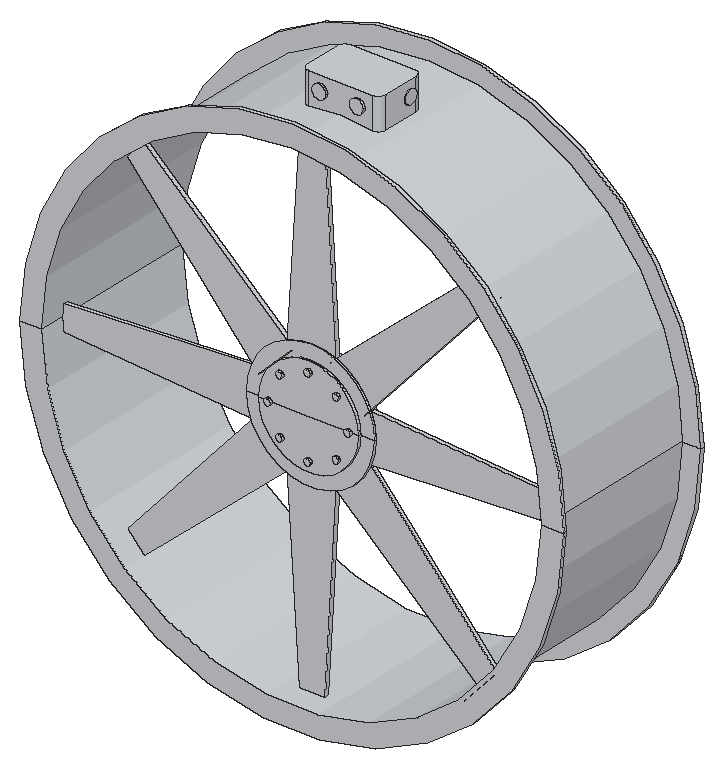
Revit family "CADS_Vent-Axia_MechEquip_Fan_ESC_3Ph6P - EXTRACT", category Mechanical Equipment, Revit 2020
Family settings
  Round Connector Dimension = Use Diameter
  Part Type = Normal
  OmniClass Number = 23.75.00.00
  OmniClass Title = Climate Control (HVAC)
  Work Plane-Based = No
  Always vertical = Yes
  Cut with Voids When Loaded = No
  Shared = No
  Room Calculation Point = No
Parameters (values of type "ESC80036")
  WorkingPressure = 0.0 Pa
  WarrantyStartDate [instance] = "1900-12-31T23:59:59"
  WarrantyPeriod = ""
  WarrantyIdentifier = "N/A"
  WarrantyGuarantorParts = "tech@vent-axia.com"
  WarrantyGuarantorLabor = "tech@vent-axia.com"
  WarrantyGuarantor = "Vent-Axia Limited"
  WarrantyEndDate [instance] = "1900-12-31T23:59:59"
  WarrantyContent = ""
  TemperatureRange = ""
  TagNumber [instance] = "N/A"
  SustainabilityPerformance = ""
  Status = "New"
  Size = ""
  Shape = ""
  ServiceLifeType = ""
  ServiceLifeDuration = ""
  SerialNumber [instance] = "N/A"
  ReplacementCost = ""
  RatedVoltage = 0 V
  RatedCurrent = 0 A
  Quantity = 1
  ProductionYear = ""
  PressureCurve = ""
  PowerFactor = ""
  PointOfContact = ""
  NumberOfPoles = 0
  NominalWidth = 800 mm
  NominalLength = 280 mm
  NominalHeight = 800 mm
  NominalFrequencyRange = ""
  NominalDiameter = 800 mm
  ModelReference = "SHORT CASED AXIAL FAN 800DIA 3PH 6 POLE"
  ModelNumber = "ESC80036"
  Material = ""
  ManufacturerE-Mail = "tech@vent-axia.com"
  ManufacturerAddress = "Fleming Way\nCrawley \nRH10 9YX"
  IsExtendedWarranty = no
  InsulationStandardClass = ""
  InstallationDate [instance] = "1900-12-31T23:59:59"
  IfcExportType [instance] = ""
  IfcExportAs = "IfcFanType"
  IP_Code = ""
  HasProtectiveEarth = no
  GrossWeight = 0.00 kg
  Grade = ""
  GlobalTradeItemNumber [instance] = "N/A"
  Fitting Type = "Ignore"
  Finish = ""
  Features = ""
  ExteriorInsulation = no
  ExpectedServiceLife = 0
  Exclusions = ""
  DurationUnit = "Year"
  Default Elevation = 0 mm
  Constituents = ""
  ConductorFunction = ""
  Color = ""
  CodePerformance = ""
  Category = ""
  CADS_Usage = 0
  CADS_Index = 0
  AssetType = "FIXED"
  AssetIdentifier [instance] = "N/A"
  AssemblyPlace = "UNKNOWN"
  ArticleNumber [instance] = "N/A"
  AirflowRateRange = 0.0 L/s
  Air Flow [instance] = 0.0 L/s
  AccessibilityPerformance = ""
Types (5, lengths in mm): name | NominalWidth | NominalLength | NominalHeight | NominalDiameter | ModelReference | ModelNumber
  ESC40036 | 400 | 155 | 400 | 400 | "SHORT CASED AXIAL FAN 400DIA 3PH 6 POLE" | "ESC40036"
  ESC63036 | 630 | 220 | 630 | 630 | "SHORT CASED AXIAL FAN 630DIA 3PH 6 POLE" | "ESC63036"
  ESC71036 | 710 | 260 | 710 | 710 | "SHORT CASED AXIAL FAN 710DIA 3PH 6 POLE" | "ESC71036"
  ESC80036 | 800 | 280 | 800 | 800 | "SHORT CASED AXIAL FAN 800DIA 3PH 6 POLE" | "ESC80036"
  ESC100036 | 1000 | 330 | 1000 | 1000 | "SHORT CASED AXIAL FAN 1000DIA 3PH 6 POLE" | "ESC100036"
Reference planes
  plane 1 "Center (Front/Back)": y = 0
  plane 2: z = 0
  plane 3 "Center (Left/Right)": x = 0
  plane 4: x = -400
  plane 5: x = 400
  plane 6 "F": y = -140
  plane 7 "B": y = 140
  plane 8: x = -435
  plane 9: y = 135
  plane 10: y = -135
  plane 11: x = -405
  plane 12: y = -100
  plane 13 "top": z = 400
  plane 14: z = -400
Forms (mm)
  Revolve 1, solid
    sketch origin (0, 0, 0) x (1, 0, 0) y (0, 1, 0)
      loop
        line (-435, -140) -> (-400, -140) -> (-400, 140) -> (-435, 140) -> (-435, 135) -> (-405, 135) -> (-405, -135) -> (-435, -135) -> (-435, -140)
      axis (0, 140) -> (0, -140)
    angle from 0 to 360
Dimensions and locks
  equal spacing: plane 4, plane 3 "Center (Left/Right)", plane 5
  equal spacing: plane 7 "B", plane 1 "Center (Front/Back)", plane 6 "F"
  "NominalLength": plane 7 "B" to plane 6 "F"
  "NominalDiameter": plane 4 to plane 5
  locked: plane 11 to plane 4 at 5
  locked: plane 8 to plane 11 at 30
  locked: plane 6 "F" to plane 10 at 5
  locked: plane 7 "B" to plane 9 at 5
  locked: plane 6 "F" to plane 12 at 40
  equal spacing: plane 13 "top", level, plane 14
  "NominalDiameter": plane 13 "top" to plane 14
  aligned and locked: level to plane 2
  aligned and locked: nested 1 to plane 12
  aligned and locked: plane 1 "Center (Front/Back)" to nested 16
  aligned and locked: plane 3 "Center (Left/Right)" to nested 16
Automatic sketch dimensions
  plane 6 "F" to Revolve 1 sketch curve = 0 mm
  Revolve 1 sketch curve to plane 8 = 0 mm  (x2)
  plane 10 to Revolve 1 sketch curve = 0 mm
  Revolve 1 sketch curve to plane 11 = 0 mm
  Revolve 1 sketch curve to plane 4 = 0 mm
  Revolve 1 sketch curve to plane 3 "Center (Left/Right)" = 0 mm
  plane 1 "Center (Front/Back)" to Revolve 1 sketch curve = 0 mm
  Revolve 1 sketch curve to plane 9 = 0 mm
  Revolve 1 sketch curve to plane 7 "B" = 0 mm
  plane 6 "F" to Revolve 1 sketch curve = 115 mm
Nested families
  nested 1: "Fan for ESC" at (0, -100, 0), ND <- "NominalDiameter", type "Fan for ESC"
    with hub 80 mm, ND 800 mm, BoltPCD 64 mm, Bolt Count 8, B_Diam 10 mm
  nested 2: "Bolts" at (0, -109.172, -64) x (-1, 0, 0) z (0, 1, 0), type "Bolts"
    with bd 10 mm
  nested 3: "Bolts" at (-45.255, -109.172, -45.255) x (-0.7071, 0, 0.7071) z (0, 1, 0), type "Bolts"
    with bd 10 mm
  nested 4: "Bolts" at (-64, -109.172, 0) x (0, 0, 1) z (0, 1, 0), type "Bolts"
    with bd 10 mm
  nested 5: "Bolts" at (-45.255, -109.172, 45.255) x (0.7071, 0, 0.7071) z (0, 1, 0), type "Bolts"
    with bd 10 mm
  nested 6: "Bolts" at (45.255, -109.172, 45.255) x (0.7071, 0, -0.7071) z (0, 1, 0), type "Bolts"
    with bd 10 mm
  nested 7: "Bolts" at (0, -109.172, 64) x (1, 0, 0) z (0, 1, 0), type "Bolts"
    with bd 10 mm
  nested 8: "ESC Blade" at (0, -100, 0), type "ESC Blade"
    with a 20.00°, HR 80 mm, HD 160 mm, BT 40 mm, BR 320 mm, BH 40 mm, BD 800 mm, BB 80 mm
  nested 9: "ESC Blade" at (0, -100, 0) x (0.7071, 0, -0.7071) z (0.7071, 0, 0.7071), type "ESC Blade"
    with a 20.00°, HR 80 mm, HD 160 mm, BT 40 mm, BR 320 mm, BH 40 mm, BD 800 mm, BB 80 mm
  nested 10: "ESC Blade" at (0, -100, 0) x (0, 0, -1) z (1, 0, 0), type "ESC Blade"
    with a 20.00°, HR 80 mm, HD 160 mm, BT 40 mm, BR 320 mm, BH 40 mm, BD 800 mm, BB 80 mm
  nested 11: "ESC Blade" at (0, -100, 0) x (-0.7071, 0, -0.7071) z (0.7071, 0, -0.7071), type "ESC Blade"
    with a 20.00°, HR 80 mm, HD 160 mm, BT 40 mm, BR 320 mm, BH 40 mm, BD 800 mm, BB 80 mm
  nested 12: "ESC Blade" at (0, -100, 0) x (-1, 0, 0) z (0, 0, -1), type "ESC Blade"
    with a 20.00°, HR 80 mm, HD 160 mm, BT 40 mm, BR 320 mm, BH 40 mm, BD 800 mm, BB 80 mm
  nested 13: "ESC Blade" at (0, -100, 0) x (-0.7071, 0, -0.7071) z (-0.7071, 0, 0.7071), type "ESC Blade"
    with a 20.00°, HR 80 mm, HD 160 mm, BT 40 mm, BR 320 mm, BH 40 mm, BD 800 mm, BB 80 mm
  nested 14: "ESC Blade" at (0, -100, 0) x (0, 0, -1) z (-1, 0, 0), type "ESC Blade"
    with a 20.00°, HR 80 mm, HD 160 mm, BT 40 mm, BR 320 mm, BH 40 mm, BD 800 mm, BB 80 mm
  nested 15: "ESC Blade" at (0, -100, 0) x (0.7071, 0, -0.7071) z (-0.7071, 0, -0.7071), type "ESC Blade"
    with a 20.00°, HR 80 mm, HD 160 mm, BT 40 mm, BR 320 mm, BH 40 mm, BD 800 mm, BB 80 mm
  nested 16: "Electrical Connection Box" at (0, 0, 400), type "125x84"
  nested 17: "Bolts" at (64, -109.172, 0) x (0, 0, -1) z (0, 1, 0), type "Bolts"
    with bd 10 mm
  nested 18: "Bolts" at (45.255, -109.172, -45.255) x (-0.7071, 0, -0.7071) z (0, 1, 0), type "Bolts"
    with bd 10 mm
Connectors
  hvac at (0, -140, 0), driven by "NominalDiameter", driven by "Air Flow"
    settings: on Revolve 1, index 1, duct flow 0.0 L/s, flow factor 0, pres drop 0.0 Pa, loss coef 0, conn angle 0.00°, conn width 304.8 mm, conn height 304.8 mm, conn diameter 800 mm, duct sys type 2, conn prof type 0, flow config 1, flow direction 1, loss method 0, conn ref index -1, conn util no, is conn primary yes, conn desc ""
  hvac at (0, 140, 0), driven by "NominalDiameter", driven by "Air Flow"
    settings: on Revolve 1, index 2, duct flow 0.0 L/s, flow factor 0, pres drop 0.0 Pa, loss coef 0, conn angle 0.00°, conn width 304.8 mm, conn height 304.8 mm, conn diameter 800 mm, duct sys type 3, conn prof type 0, flow config 0, flow direction 2, loss method 0, conn ref index -1, conn util no, is conn primary no, conn desc ""
Definition of nested family "Fan for ESC"
  Parameters (values of type "Fan for ESC")
    hub [instance] = ND / 10  # 56.7 mm
    ND [instance] = 567 mm
    Model = "."
    Default Elevation = 0 mm
    BoltPCD [instance] = hub - (hub * 0.2)  # 45.36 mm
    Bolt Count [instance] = if(hub < 50 mm, 6, 8)  # 8
    B_Diam [instance] = if(hub < 50 mm, 5 mm, 10 mm)  # 10 mm
  Reference planes
    plane 1 "Center (Front/Back)": y = 0
    plane 2: z = 0
    plane 3 "Center (Left/Right)": x = 0
    plane 4 "back": y = 20
    plane 5 "bolts": y = -9.172
    plane 6 "B": z = 56.7
    plane 7: x = -79.287
    plane 8: x = -56.7
    plane 9 "hubface": y = -6.172
  Forms (mm)
    Revolve 1, solid
      sketch origin (0, 0, 0) x (1, 0, 0) y (0, 1, 0)
        loop
          line (0, 20) -> (-56.7, 20) -> (-56.7, 10.504) -> (-79.287, 10.504) -> (-79.287, -2.597) -> (-56.7, -2.597) -> (-56.7, -6.172) -> (0, -6.172) -> (0, 20)
        axis (0, 20) -> (0, -6.172)
      angle from 0 to 360
    Extrusion 2, solid, not visible
      sketch origin (0, -6.347, -4) x (-1, 0, 0) y (0, 0, 1)
        loop
          circle (0, 84) r 5
      from 0 to 3
  Lines and regions (mm)
    symbolic lines
      curve 1: circle (0, -9.172, 0) r 45.36 normal (0, 1, 0)
    model lines, not visible
      curve 2: line (0, -6.347, 85) -> (0, -6.347, 75)
  Dimensions and locks
    "hub": plane 6 "B" to plane 2
    "hub": nested 3 to plane 3 "Center (Left/Right)"
    "hub": nested 4 to plane 3 "Center (Left/Right)"
    "hub": nested 5 to plane 3 "Center (Left/Right)"
    "hub": plane 3 "Center (Left/Right)" to nested 6
    "hub": Revolve 1 sketch curve to Revolve 1 sketch curve
    "hub": plane 3 "Center (Left/Right)" to nested 7
    "hub": plane 3 "Center (Left/Right)" to nested 8
    "hub": plane 3 "Center (Left/Right)" to nested 9
    "hub": plane 8 to plane 3 "Center (Left/Right)"
    plane 7 to plane 8 = 22.587 mm
    diameter of Extrusion 2 sketch curve = 10 mm
    "BoltPCD": radius of curve 1
    "BoltPCD": radius of radial array
    aligned and locked: level to plane 2
    aligned and locked: plane 6 "B" to nested 1
  Automatic sketch dimensions
    Revolve 1 sketch curve to plane 7 = 0 mm
    Revolve 1 sketch curve to plane 8 = 0 mm  (x2)
    Revolve 1 sketch curve to plane 3 "Center (Left/Right)" = 0 mm
    Revolve 1 sketch curve to plane 9 "hubface" = 0 mm
    plane 4 "back" to Revolve 1 sketch curve = 0 mm
    plane 1 "Center (Front/Back)" to Revolve 1 sketch curve = 2.597 mm
    plane 4 "back" to Revolve 1 sketch curve = 9.496 mm
    Revolve 1 sketch curve to Revolve 1 sketch curve = 5 mm
    Revolve 1 sketch curve to plane 4 "back" = 45 mm
    curve 1 to level = 0 mm
    curve 1 to plane 3 "Center (Left/Right)" = 0 mm
  Nested families
    nested 1: "ESC Blade" at (0, 0, 0), BD <- "ND", HD <- "hub", type "ESC Blade"
      with a 20.00°, HR 56.7 mm, HD 113.4 mm, BT 28.35 mm, BR 226.8 mm, BH 40 mm, BD 567 mm, BB 56.7 mm
    nested 2: "ESC Blade" at (0, 0, 755), BD <- "ND", HD <- "hub", type "ESC Blade", not visible
      with a 20.00°, HR 56.7 mm, HD 113.4 mm, BT 28.35 mm, BR 226.8 mm, BH 40 mm, BD 567 mm, BB 56.7 mm
    nested 3: "ESC Blade" at (0, 0, 0) x (0.7071, 0, -0.7071) z (0.7071, 0, 0.7071), BD <- "ND", HD <- "hub", type "ESC Blade"
      with a 20.00°, HR 56.7 mm, HD 113.4 mm, BT 28.35 mm, BR 226.8 mm, BH 40 mm, BD 567 mm, BB 56.7 mm
    nested 4: "ESC Blade" at (0, 0, 0) x (0, 0, -1) z (1, 0, 0), BD <- "ND", HD <- "hub", type "ESC Blade"
      with a 20.00°, HR 56.7 mm, HD 113.4 mm, BT 28.35 mm, BR 226.8 mm, BH 40 mm, BD 567 mm, BB 56.7 mm
    nested 5: "ESC Blade" at (0, 0, 0) x (-0.7071, 0, -0.7071) z (0.7071, 0, -0.7071), BD <- "ND", HD <- "hub", type "ESC Blade"
      with a 20.00°, HR 56.7 mm, HD 113.4 mm, BT 28.35 mm, BR 226.8 mm, BH 40 mm, BD 567 mm, BB 56.7 mm
    nested 6: "ESC Blade" at (0, 0, 0) x (-1, 0, 0) z (0, 0, -1), BD <- "ND", HD <- "hub", type "ESC Blade"
      with a 20.00°, HR 56.7 mm, HD 113.4 mm, BT 28.35 mm, BR 226.8 mm, BH 40 mm, BD 567 mm, BB 56.7 mm
    nested 7: "ESC Blade" at (0, 0, 0) x (-0.7071, 0, -0.7071) z (-0.7071, 0, 0.7071), BD <- "ND", HD <- "hub", type "ESC Blade"
      with a 20.00°, HR 56.7 mm, HD 113.4 mm, BT 28.35 mm, BR 226.8 mm, BH 40 mm, BD 567 mm, BB 56.7 mm
    nested 8: "ESC Blade" at (0, 0, 0) x (0, 0, -1) z (-1, 0, 0), BD <- "ND", HD <- "hub", type "ESC Blade"
      with a 20.00°, HR 56.7 mm, HD 113.4 mm, BT 28.35 mm, BR 226.8 mm, BH 40 mm, BD 567 mm, BB 56.7 mm
    nested 9: "ESC Blade" at (0, 0, 0) x (0.7071, 0, -0.7071) z (-0.7071, 0, -0.7071), BD <- "ND", HD <- "hub", type "ESC Blade"
      with a 20.00°, HR 56.7 mm, HD 113.4 mm, BT 28.35 mm, BR 226.8 mm, BH 40 mm, BD 567 mm, BB 56.7 mm
    nested 10: "Bolts" at (0, -9.172, 45.36) x (1, 0, 0) z (0, 1, 0), bd <- "B_Diam", type "Bolts"
      with bd 10 mm
    nested 11: "Bolts" at (32.074, -9.172, 32.074) x (0.7071, 0, -0.7071) z (0, 1, 0), bd <- "B_Diam", type "Bolts"
      with bd 10 mm
    nested 12: "Bolts" at (-32.074, -9.172, 32.074) x (0.7071, 0, 0.7071) z (0, 1, 0), bd <- "B_Diam", type "Bolts"
      with bd 10 mm
    nested 13: "Bolts" at (-45.36, -9.172, 0) x (0, 0, 1) z (0, 1, 0), bd <- "B_Diam", type "Bolts"
      with bd 10 mm
    nested 14: "Bolts" at (-32.074, -9.172, -32.074) x (-0.7071, 0, 0.7071) z (0, 1, 0), bd <- "B_Diam", type "Bolts"
      with bd 10 mm
    nested 15: "Bolts" at (0, -9.172, -45.36) x (-1, 0, 0) z (0, 1, 0), bd <- "B_Diam", type "Bolts"
      with bd 10 mm
    nested 16: "Bolts" at (32.074, -9.172, -32.074) x (-0.7071, 0, -0.7071) z (0, 1, 0), bd <- "B_Diam", type "Bolts"
      with bd 10 mm
    nested 17: "Bolts" at (45.36, -9.172, 0) x (0, 0, -1) z (0, 1, 0), bd <- "B_Diam", type "Bolts"
      with bd 10 mm
  Definition of nested family "ESC Blade"
    Parameters (values of type "ESC Blade")
      a [instance] = 20.00°
      HR [instance] = HD / 2  # 30 mm
      HD [instance] = BD / 5  # 60 mm
      Default Elevation = 1219.2 mm
      BT [instance] = BD / 20  # 15 mm
      BR [instance] = (BD / 2) - HR  # 120 mm
      BH [instance] = 40 mm
      BD [instance] = 300 mm
      BB [instance] = BD / 10  # 30 mm
    Reference planes
      plane 1 "Center (Front/Back)": y = 0
      plane 2: z = 0
      plane 3 "Center (Left/Right)": x = 0
      plane 4 "Blade Bot": z = 30
      plane 5: x = -15
      plane 6: x = 15
      plane 7: x = -7.5
      plane 8: x = 7.5
    Forms (mm)
      Blend 1, solid
        base sketch origin (0, 0, 30) x (-1, 0, 0) y (0, -1, 0)
          loop
            line (15, 0) -> (-15, 0) -> (-15, -6) -> (15, -6) -> (15, 0)
        top sketch origin (0, 0, 30) x (-1, 0, 0) y (0, -1, 0)
          loop
            line (7.5, -6) -> (7.5, 0) -> (-7.5, 0) -> (-7.5, -6) -> (7.5, -6)
        from 0 to 120 <- "BR"
    Dimensions and locks
      "HR": plane 4 "Blade Bot" to level
      equal spacing: plane 8, plane 3 "Center (Left/Right)", plane 7
      "BT": plane 8 to plane 7
      equal spacing: plane 6, plane 3 "Center (Left/Right)", plane 5
      "BB": plane 6 to plane 5
      aligned and locked: level to plane 2
    Automatic sketch dimensions
      plane 1 "Center (Front/Back)" to Blend 1 sketch curve = 0 mm  (x2)
      Blend 1 sketch curve to plane 6 = 0 mm
      Blend 1 sketch curve to plane 5 = 0 mm
      Blend 1 sketch curve to plane 1 "Center (Front/Back)" = 6 mm  (x2)
      Blend 1 sketch curve to plane 8 = 0 mm
      Blend 1 sketch curve to plane 7 = 0 mm
  Definition of nested family "Bolts"
    Parameters
      bd [instance] = 10 mm
      Default Elevation = 1219.2 mm
    Reference planes
      plane 1 "Center (Front/Back)": y = 0
      plane 2: z = 0
      plane 3 "Center (Left/Right)": x = 0
    Forms (mm)
      Extrusion 1, solid
        sketch origin (0, 0, 0) x (1, 0, 0) y (0, 1, 0)
          loop
            line (-1219.2, 1219.2) -> (-1219.2, -1219.2) -> (1219.2, -1219.2) -> (1219.2, 1219.2) -> (-1219.2, 1219.2)
        from 0 to -304.8
      Extrusion 2, solid
        sketch origin (0, 0, 0) x (1, 0, 0) y (0, 1, 0)
          loop
            circle (0, 0) r 5
        from 0 to 3
    Dimensions and locks
      "bd": diameter of Extrusion 2 sketch curve
      aligned and locked: plane 2 to Extrusion 1
      aligned and locked: level to Extrusion 1
    Automatic sketch dimensions
      Extrusion 1 sketch curve to Extrusion 1 sketch curve = 2438.4 mm  (x2)
      plane 1 "Center (Front/Back)" to Extrusion 2 sketch curve = 0 mm
      Extrusion 2 sketch curve to plane 3 "Center (Left/Right)" = 0 mm
Definition of nested family "Bolts"
  Parameters
    bd [instance] = 10 mm
    Default Elevation = 1219.2 mm
  Reference planes
    plane 1 "Center (Front/Back)": y = 0
    plane 2: z = 0
    plane 3 "Center (Left/Right)": x = 0
  Forms (mm)
    Extrusion 1, solid
      sketch origin (0, 0, 0) x (1, 0, 0) y (0, 1, 0)
        loop
          line (-1219.2, 1219.2) -> (-1219.2, -1219.2) -> (1219.2, -1219.2) -> (1219.2, 1219.2) -> (-1219.2, 1219.2)
      from 0 to -304.8
    Extrusion 2, solid
      sketch origin (0, 0, 0) x (1, 0, 0) y (0, 1, 0)
        loop
          circle (0, 0) r 5
      from 0 to 3
  Dimensions and locks
    "bd": diameter of Extrusion 2 sketch curve
    aligned and locked: plane 2 to Extrusion 1
    aligned and locked: level to Extrusion 1
  Automatic sketch dimensions
    Extrusion 1 sketch curve to Extrusion 1 sketch curve = 2438.4 mm  (x2)
    plane 1 "Center (Front/Back)" to Extrusion 2 sketch curve = 0 mm
    Extrusion 2 sketch curve to plane 3 "Center (Left/Right)" = 0 mm
Definition of nested family "ESC Blade"
  Parameters (values of type "ESC Blade")
    a [instance] = 20.00°
    HR [instance] = HD / 2  # 30 mm
    HD [instance] = BD / 5  # 60 mm
    Default Elevation = 1219.2 mm
    BT [instance] = BD / 20  # 15 mm
    BR [instance] = (BD / 2) - HR  # 120 mm
    BH [instance] = 40 mm
    BD [instance] = 300 mm
    BB [instance] = BD / 10  # 30 mm
  Reference planes
    plane 1 "Center (Front/Back)": y = 0
    plane 2: z = 0
    plane 3 "Center (Left/Right)": x = 0
    plane 4 "Blade Bot": z = 30
    plane 5: x = -15
    plane 6: x = 15
    plane 7: x = -7.5
    plane 8: x = 7.5
  Forms (mm)
    Blend 1, solid
      base sketch origin (0, 0, 30) x (-1, 0, 0) y (0, -1, 0)
        loop
          line (15, 0) -> (-15, 0) -> (-15, -6) -> (15, -6) -> (15, 0)
      top sketch origin (0, 0, 30) x (-1, 0, 0) y (0, -1, 0)
        loop
          line (7.5, -6) -> (7.5, 0) -> (-7.5, 0) -> (-7.5, -6) -> (7.5, -6)
      from 0 to 120 <- "BR"
  Dimensions and locks
    "HR": plane 4 "Blade Bot" to level
    equal spacing: plane 8, plane 3 "Center (Left/Right)", plane 7
    "BT": plane 8 to plane 7
    equal spacing: plane 6, plane 3 "Center (Left/Right)", plane 5
    "BB": plane 6 to plane 5
    aligned and locked: level to plane 2
  Automatic sketch dimensions
    plane 1 "Center (Front/Back)" to Blend 1 sketch curve = 0 mm  (x2)
    Blend 1 sketch curve to plane 6 = 0 mm
    Blend 1 sketch curve to plane 5 = 0 mm
    Blend 1 sketch curve to plane 1 "Center (Front/Back)" = 6 mm  (x2)
    Blend 1 sketch curve to plane 8 = 0 mm
    Blend 1 sketch curve to plane 7 = 0 mm
Definition of nested family "Electrical Connection Box"
  Parameters (values of type "125x84")
    w = 125 mm
    vis grommets = yes
    h = 50 mm
    d = 84 mm
    Default Elevation = 1219.2 mm
  Types (4, lengths in mm): name | w | vis grommets | h | d
    125x84 | 125 | yes | 50 | 84
    165x135 | 165 | no | 50 | 135
    Electrical Connection Box 2 | 165 | no | 0 | 135
    Electrical Connection Box | 125 | no | 0 | 84
  Reference planes
    plane 1 "Center (Front/Back)": y = 0
    plane 2: z = 0
    plane 3 "Center (Left/Right)": x = 0
    plane 4: y = 42
    plane 5: x = 62.5
    plane 6: x = -62.5
    plane 7: y = -42
  Forms (mm)
    Extrusion 1, solid
      sketch origin (0, 0, 0) x (1, 0, 0) y (0, 1, 0)
        loop
          line (-1219.2, 1219.2) -> (-1219.2, -1219.2) -> (1219.2, -1219.2) -> (1219.2, 1219.2) -> (-1219.2, 1219.2)
      from 0 to -304.8
    Extrusion 2, solid
      sketch origin (-62.5, -42, 0) x (1, 0, 0) y (0, 1, 0)
        loop
          arc (12, 84) -> (3.515, 80.485) -> (0, 72) r 12
          line (0, 72) -> (0, 12)
          arc (0, 12) -> (3.515, 3.515) -> (12, 0) r 12
          line (12, 0) -> (113, 0)
          arc (113, 0) -> (121.485, 3.515) -> (125, 12) r 12
          line (125, 12) -> (125, 72)
          arc (125, 72) -> (121.485, 80.485) -> (113, 84) r 12
          line (113, 84) -> (12, 84)
      from 0 to 50 <- "h"
    Extrusion 3, solid, visible <- "vis grommets"
      sketch origin (62.5, 43.228, -0.59) x (0, -1, 0) y (0, 0, -1)
        loop
          circle (26.228, -28.09) r 11
      from 0 to 3
    Extrusion 4, solid, visible <- "vis grommets"
      sketch origin (204.495, -42, 22.909) x (-1, 0, 0) y (0, 0, -1)
        loop
          circle (176.995, -4.591) r 11
      from 0 to 3
    Extrusion 5, solid, visible <- "vis grommets"
      sketch origin (144.495, -42, 22.909) x (-1, 0, 0) y (0, 0, -1)
        loop
          circle (176.995, -4.591) r 11
      from 0 to 3
  Dimensions and locks
    "w": plane 6 to plane 5
    equal spacing: plane 6, plane 3 "Center (Left/Right)", plane 5
    "d": plane 4 to plane 7
    equal spacing: plane 4, plane 1 "Center (Front/Back)", plane 7
    aligned and locked: plane 2 to Extrusion 1
    aligned and locked: level to Extrusion 1
  Automatic sketch dimensions
    Extrusion 1 sketch curve to Extrusion 1 sketch curve = 2438.4 mm  (x2)
    Extrusion 2 sketch curve to plane 6 = 0 mm
    plane 7 to Extrusion 2 sketch curve = 0 mm
    Extrusion 2 sketch curve to plane 4 = 0 mm
    Extrusion 2 sketch curve to plane 5 = 0 mm
    Extrusion 2 sketch curve to plane 6 = 12 mm
    Extrusion 2 sketch curve to plane 4 = 12 mm  (x2)
    Extrusion 2 sketch curve to plane 5 = 12 mm
    Extrusion 3 sketch curve to Extrusion 2 = 13 mm
    Extrusion 2 to Extrusion 3 sketch curve = 22.5 mm
    Extrusion 4 sketch curve to Extrusion 2 = 23 mm
    Extrusion 2 to Extrusion 4 sketch curve = 22.5 mm
    Extrusion 2 to Extrusion 5 sketch curve = 18 mm
    Extrusion 2 to Extrusion 5 sketch curve = 22.5 mm
    radius of Extrusion 3 sketch curve = 11 mm
    radius of Extrusion 4 sketch curve = 11 mm
    radius of Extrusion 5 sketch curve = 11 mm
